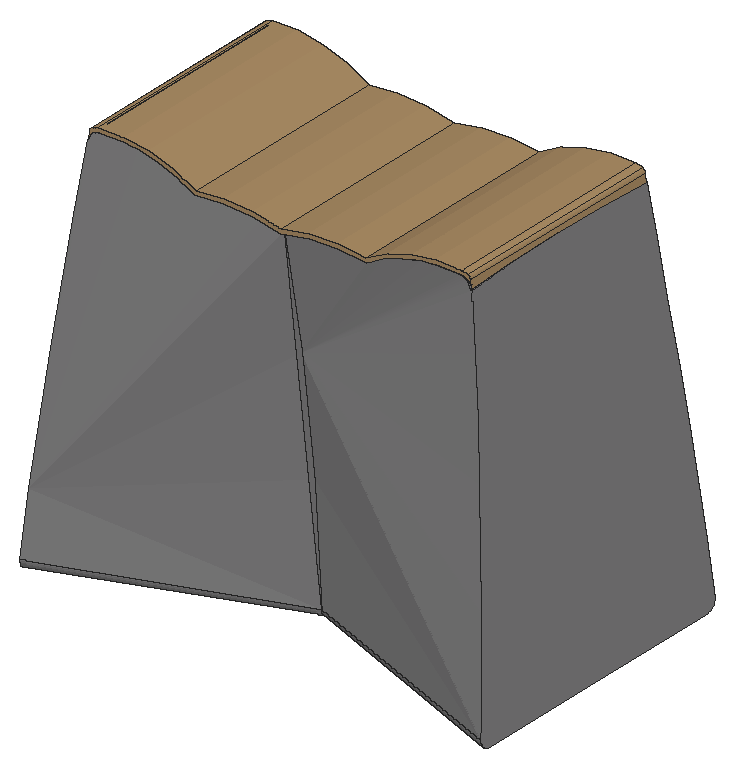
Revit family "Seating-Casual-Naughtone-Pinch_Stool", category Furniture, Revit 2014
Parameters (values of type "Pinch Stool")
  WarrantyStartDate = ""
  WarrantyGuarantorParts = "sales@naughtone.com"  # constant formula
  WarrantyGuarantorLabour = "sales@naughtone.com"  # constant formula
  WarrantyDuration = 60
  Uniclass = "Pr_40_50_12"  # constant formula
  URL = "http://www.naughtone.com"
  TypeName = "550mmx350mmx500mm - Multifunctional Upholstered Stool"
  TagNumber = 0
  SerialNumber = 0
  Seat Height = 450 mm  # constant formula
  Product URL = "http://www.naughtone.com/portfolio-view/pinch"  # constant formula
  Product Code = "PIN-ST"
  Option = "Stool"
  Name = "Furniture -Seating-Casual-Naughtone-Pinch_Stool"  # constant formula
  Model = "Pinch"  # constant formula
  Material Seat 2 [instance] = Fabric-Orange-Upholstery
  Material Seat 1 [instance] = Fabric-Black-Upholstery
  Material Feet [instance] = Rubber - Black - Smooth
  Manufacturer = "Naughtone"  # constant formula
  Length = 550 mm  # constant formula
  InstallationDate = ""
  Height = 500 mm  # constant formula
  Features = ""
  Extidentifier = ""
  Description = "Multifunctional Upholstered Stool"
  Depth = 350 mm  # constant formula
  Current Revision = 1  # constant formula
  Created On = "06.08.2014"  # constant formula
  Created By = "www.bimbox.co.uk"  # constant formula
  Cost = 0
  Contact Telephone Number = "+44 1423 816500"  # constant formula
  Contact Email Address = "sales@naughtone.com"
  COBie Description = "The Award winning Pinch stool is another classic in the naughtone range and a truly versatile product. The fully upholstered form of the Pinch stool offers a comfortable seat, whether used at a table or mingled with soft seating. It can be sat on or straddled and the pinch stool has no obvious direction so lends itself to being scattered in a space. Use the Pinch stool as functional occasional seating and to add life to any interior space."  # constant formula
  Barcode = 0
  Author = "BIMBox"  # constant formula
  AssetIdentifier = "PIN-ST"
Reference planes
  plane 1 "Center (Front/Back)": y = 0
  plane 2: z = 0
  plane 3 "Center (Left/Right)": x = 0
  plane 4 "Front": y = -175
  plane 5 "Back": y = 175
  plane 6 "Right": x = 275
  plane 7 "Left": x = -275
  plane 8: z = 350
  plane 9: z = 410
  plane 10 "Left B": x = -226.5
  plane 11 "Right B": x = 226.5
  plane 12 "Back B": y = 130
  plane 13 "Front B": y = -130
  plane 14 "left C": x = -102.455
  plane 15 "Right C": x = 102.5
  plane 16 "Seat Base": z = 5.969
  plane 17 "Bump top": z = 365.809
  plane 18 "Left Far": x = -305
  plane 19 "Right Far": x = 305
  plane 20: through (-299.192, -1524, 17.875) normal (-0.9924, 0, 0.1227)
  plane 21: z = 500
  plane 22: z = 450
Forms (mm)
  Revolve 1, void
    sketch origin (0, 0, -3) x (1, 0, 0) y (0, 0, 1)
      loop
        arc (-225.363, 474.432) -> (-221.32, 478.792) -> (-215.68, 480.678) r 12.005
        arc (-215.68, 480.678) -> (-156.701, 476.522) -> (-102.455, 453) r 175.358
        arc (-102.455, 453) -> (-50.951, 456.138) -> (0, 447.991) r 235.636
        arc (0, 447.991) -> (50.951, 456.138) -> (102.455, 453) r 235.636
        arc (102.455, 453) -> (156.701, 476.522) -> (215.68, 480.678) r 175.358
        arc (215.68, 480.678) -> (221.32, 478.792) -> (225.363, 474.432) r 12.005
        line (225.363, 474.432) -> (243.512, 441.003) -> (243.512, 535.678) -> (-243.512, 535.678) -> (-243.512, 441.003) -> (-225.363, 474.432)
      axis (-243.512, -1972.901) -> (243.512, -1972.901)
    angle from 8 to -8
  Extrusion 2, void
    sketch origin (0, 0, 0) x (-1, 0, 0) y (0, 0, -1)
      loop
        arc (-222.115, -506.912) -> (-253.845, -253.991) -> (-275.394, 0) r 6346.642
        line (-275.394, 0) -> (-320, 0) -> (-320, -506.912) -> (-222.115, -506.912)
    from -225 to 225
  Blend 3, solid, material "Fabric-Black-Upholstery" <- "Material Seat 1"
    base sketch origin (-300, 0, 0) x (0, 1, 0) y (0, 0, 1)
      loop
        line (0, 5.969) -> (173.049, 5.969)
        arc (173.049, 5.969) -> (181.5, 9.47) -> (185, 17.921) r 11.951
        arc (185, 17.921) -> (161.326, 258.149) -> (124.925, 496.78) r 4542.453
        arc (124.925, 496.78) -> (62.483, 499.195) -> (0, 500) r 2425.63
        arc (0, 500) -> (-62.545, 499.193) -> (-125.049, 496.774) r 2425.63
        arc (-125.049, 496.774) -> (-161.45, 258.146) -> (-185.123, 17.921) r 4542.453
        arc (-185.123, 17.921) -> (-181.623, 9.47) -> (-173.172, 5.969) r 11.951
        line (-173.172, 5.969) -> (0, 5.969)
    top sketch origin (-300, 0, 0) x (0, 1, 0) y (0, 0, 1)
      loop
        arc (135.42, 496.225) -> (67.736, 499.056) -> (0, 500) r 2431.627
        arc (0, 500) -> (-67.737, 499.057) -> (-135.421, 496.227) r 2431.627
        arc (-135.421, 496.227) -> (-90.087, 257.071) -> (-67.852, 14.673) r 2540.165
        arc (-67.852, 14.673) -> (-64.533, 8.454) -> (-57.937, 5.969) r 10
        line (-57.937, 5.969) -> (0, 5.969) -> (57.899, 5.969)
        arc (57.899, 5.969) -> (64.814, 8.745) -> (67.89, 15.531) r 10
        arc (67.89, 15.531) -> (90.146, 257.495) -> (135.42, 496.225) r 2540.165
    from -5 to 300
  Blend 4, solid, material "Fabric-Black-Upholstery" <- "Material Seat 1"
    base sketch origin (300, 0, 0) x (0, 1, 0) y (0, 0, -1)
      loop
        line (0, -5.969) -> (-173.74, -5.969)
        arc (-173.74, -5.969) -> (-182.191, -9.47) -> (-185.692, -17.921) r 11.951
        arc (-185.692, -17.921) -> (-162.02, -258.131) -> (-125.623, -496.744) r 4542.453
        arc (-125.623, -496.744) -> (-62.832, -499.186) -> (0, -500) r 2425.63
        arc (0, -500) -> (62.832, -499.186) -> (125.623, -496.744) r 2425.63
        arc (125.623, -496.744) -> (162.02, -258.131) -> (185.692, -17.921) r 4542.453
        arc (185.692, -17.921) -> (182.191, -9.47) -> (173.74, -5.969) r 11.951
        line (173.74, -5.969) -> (0, -5.969)
    top sketch origin (300, 0, 0) x (0, 1, 0) y (0, 0, -1)
      loop
        arc (135.42, -496.225) -> (90.146, -257.495) -> (67.89, -15.531) r 2540.165
        arc (67.89, -15.531) -> (64.814, -8.745) -> (57.899, -5.969) r 10
        line (57.899, -5.969) -> (0, -5.969) -> (-57.937, -5.969)
        arc (-57.937, -5.969) -> (-64.533, -8.454) -> (-67.852, -14.673) r 10
        arc (-67.852, -14.673) -> (-90.087, -257.071) -> (-135.421, -496.227) r 2540.165
        arc (-135.421, -496.227) -> (-67.737, -499.057) -> (0, -500) r 2431.627
        arc (0, -500) -> (67.736, -499.056) -> (135.42, -496.225) r 2431.627
    from -5 to 300
  Extrusion 5, void
    sketch origin (0, 0, 0) x (1, 0, 0) y (0, 0, 1)
      loop
        line (-222.115, 506.912) -> (-320, 506.912) -> (-320, 0) -> (-275.394, 0)
        arc (-275.394, 0) -> (-253.845, 253.991) -> (-222.115, 506.912) r 6346.642
    from -225 to 225
  Revolve 6, solid, material "Fabric-Orange-Upholstery" <- "Material Seat 2"
    sketch origin (0, 0, 0) x (1, 0, 0) y (0, 0, 1)
      loop
        arc (-225.401, 471.495) -> (-221.358, 475.856) -> (-215.718, 477.741) r 12.005
        arc (-215.718, 477.741) -> (-156.738, 473.585) -> (-102.493, 450.063) r 175.358
        arc (-102.493, 450.063) -> (-50.989, 453.201) -> (-0.038, 445.054) r 235.636
        arc (-0.038, 445.054) -> (50.914, 453.201) -> (102.417, 450.063) r 235.636
        arc (102.417, 450.063) -> (156.663, 473.585) -> (215.642, 477.741) r 175.358
        arc (215.642, 477.741) -> (221.282, 475.856) -> (225.325, 471.495) r 12.005
        line (225.325, 471.495) -> (227.826, 466.889) -> (226.606, 475.676)
        arc (226.606, 475.676) -> (225.588, 478.371) -> (223.505, 480.36) r 6.5
        arc (223.505, 480.36) -> (219.928, 481.973) -> (216.076, 482.723) r 17.005
        arc (216.076, 482.723) -> (156.401, 478.666) -> (101.334, 455.315) r 180.358
        arc (101.334, 455.315) -> (50.377, 458.181) -> (-0.038, 450.235) r 240.636
        arc (-0.038, 450.235) -> (-50.453, 458.181) -> (-101.41, 455.315) r 240.636
        arc (-101.41, 455.315) -> (-156.476, 478.666) -> (-216.151, 482.723) r 180.358
        arc (-216.151, 482.723) -> (-219.923, 481.998) -> (-223.436, 480.446) r 17.005
        arc (-223.436, 480.446) -> (-225.555, 478.452) -> (-226.592, 475.733) r 6.5
        line (-226.592, 475.733) -> (-227.798, 467.08) -> (-225.401, 471.495)
      axis (227.826, -1976) -> (-227.798, -1976)
    angle from -3.025 to 3.035
Cuts and joins
  Revolve 1, Extrusion 5 cuts Blend 3
  Revolve 1, Extrusion 2, Extrusion 5 cuts Blend 4
Dimensions and locks
  equal spacing: plane 4 "Front", plane 1 "Center (Front/Back)", plane 5 "Back"
  equal spacing: plane 7 "Left", plane 3 "Center (Left/Right)", plane 6 "Right"
  "Depth": plane 4 "Front" to plane 5 "Back"
  "Length": plane 7 "Left" to plane 6 "Right"
  locked: plane 11 "Right B" to plane 6 "Right" at 48.5
  locked: plane 7 "Left" to plane 10 "Left B" at 48.5
  locked: plane 4 "Front" to plane 13 "Front B" at 45
  locked: plane 12 "Back B" to plane 5 "Back" at 45
  plane 10 "Left B" to plane 14 "left C" = 124.045 mm
  plane 15 "Right C" to plane 11 "Right B" = 124 mm
  plane 16 "Seat Base" to plane 2 = 5.969 mm
  plane 11 "Right B" to plane 15 "Right C" = 124 mm
  "Height": plane 21 to level
  "Seat Height": plane 2 to plane 22
  aligned and locked: level to plane 2
Automatic sketch dimensions
  Revolve 1 sketch curve to plane 14 "left C" = 0 mm
  Revolve 1 sketch curve to plane 3 "Center (Left/Right)" = 0 mm
  plane 3 "Center (Left/Right)" to Revolve 1 sketch curve = 0 mm
  Revolve 1 sketch curve to plane 22 = 0 mm  (x2)
  plane 11 "Right B" to Revolve 1 sketch curve = 0 mm
  plane 10 "Left B" to Revolve 1 sketch curve = 28.16 mm
  plane 10 "Left B" to Revolve 1 sketch curve = 11.688 mm
  plane 10 "Left B" to Revolve 1 sketch curve = 1.137 mm
  Revolve 1 sketch curve to plane 10 "Left B" = 17.012 mm
  plane 14 "left C" to Revolve 1 sketch curve = 39.996 mm
  Revolve 1 sketch curve to plane 15 "Right C" = 40.041 mm
  Revolve 1 sketch curve to plane 11 "Right B" = 28.16 mm
  Revolve 1 sketch curve to plane 11 "Right B" = 11.688 mm
  Revolve 1 sketch curve to plane 11 "Right B" = 1.137 mm
  plane 11 "Right B" to Revolve 1 sketch curve = 17.012 mm
  Revolve 1 sketch curve to plane 22 = 11.997 mm  (x2)
  Revolve 1 sketch curve to plane 8 = 46.821 mm  (x2)
  Revolve 1 sketch curve to plane 8 = 132.217 mm
  Revolve 1 sketch curve to Revolve 1 sketch curve = 0 mm
  Revolve 1 sketch curve to plane 21 = 34.296 mm  (x2)
  Revolve 1 sketch curve to Revolve 1 sketch curve = 5.728 mm  (x2)
  plane 21 to Revolve 1 sketch curve = 32.678 mm
  Revolve 1 sketch curve to level = 1975.901 mm
  Extrusion 2 sketch curve to level = 0 mm
  Extrusion 2 sketch curve to plane 21 = 6.912 mm
  Extrusion 2 sketch curve to plane 19 "Right Far" = 15 mm
  Extrusion 2 sketch curve to plane 6 "Right" = 0.394 mm
  Extrusion 2 sketch curve to Extrusion 2 sketch curve = 97.885 mm
  level to Extrusion 2 sketch curve = 409.414 mm
  Blend 3 sketch curve to plane 16 "Seat Base" = 0 mm  (x2)
  Blend 3 sketch curve to plane 1 "Center (Front/Back)" = 0 mm  (x4)
  Blend 3 sketch curve to plane 21 = 0 mm  (x2)
  plane 1 "Center (Front/Back)" to Blend 3 sketch curve = 0.019 mm  (x2)
  Blend 3 sketch curve to plane 4 "Front" = 1.828 mm
  Blend 3 sketch curve to level = 307.294 mm  (x2)
  plane 4 "Front" to Blend 3 sketch curve = 4170.796 mm
  Blend 3 sketch curve to plane 1 "Center (Front/Back)" = 0.019 mm
  plane 5 "Back" to Blend 3 sketch curve = 1.951 mm
  Blend 3 sketch curve to plane 5 "Back" = 4170.673 mm
  Blend 3 sketch curve to level = 1925.63 mm
  Blend 3 sketch curve to Blend 3 sketch curve = 0 mm  (x4)
  plane 16 "Seat Base" to Blend 3 sketch curve = 11.951 mm
  Blend 3 sketch curve to Blend 3 sketch curve = 11.951 mm
  plane 16 "Seat Base" to Blend 3 sketch curve = 10 mm  (x2)
  plane 1 "Center (Front/Back)" to Blend 3 sketch curve = 57.937 mm
  Blend 3 sketch curve to level = 95.89 mm  (x2)
  plane 4 "Front" to Blend 3 sketch curve = 2430.61 mm
  Blend 3 sketch curve to plane 1 "Center (Front/Back)" = 57.899 mm
  Blend 3 sketch curve to plane 5 "Back" = 2430.61 mm
  Blend 3 sketch curve to level = 1931.627 mm
  plane 16 "Seat Base" to Blend 3 sketch curve = 8.704 mm
  Blend 4 sketch curve to plane 16 "Seat Base" = 0 mm  (x2)
  Blend 4 sketch curve to plane 1 "Center (Front/Back)" = 0 mm  (x4)
  Blend 4 sketch curve to plane 21 = 0 mm  (x2)
  plane 1 "Center (Front/Back)" to Blend 4 sketch curve = 0.019 mm  (x2)
  Blend 4 sketch curve to plane 4 "Front" = 1.26 mm
  Blend 4 sketch curve to level = 307.294 mm  (x2)
  plane 4 "Front" to Blend 4 sketch curve = 4170.104 mm
  Blend 4 sketch curve to plane 1 "Center (Front/Back)" = 0.019 mm
  plane 5 "Back" to Blend 4 sketch curve = 1.26 mm
  Blend 4 sketch curve to plane 5 "Back" = 4170.104 mm
  Blend 4 sketch curve to Blend 4 sketch curve = 11.951 mm  (x2)
  Blend 4 sketch curve to level = 1925.63 mm
  Blend 4 sketch curve to Blend 4 sketch curve = 0 mm  (x4)
  plane 16 "Seat Base" to Blend 4 sketch curve = 10 mm  (x2)
  plane 1 "Center (Front/Back)" to Blend 4 sketch curve = 57.937 mm
  Blend 4 sketch curve to level = 95.89 mm  (x2)
  plane 4 "Front" to Blend 4 sketch curve = 2430.61 mm
  Blend 4 sketch curve to plane 1 "Center (Front/Back)" = 57.899 mm
  Blend 4 sketch curve to plane 5 "Back" = 2430.61 mm
  Blend 4 sketch curve to level = 1931.627 mm
  plane 16 "Seat Base" to Blend 4 sketch curve = 8.704 mm
  Extrusion 5 sketch curve to level = 0 mm
  plane 21 to Extrusion 5 sketch curve = 6.912 mm
  Extrusion 5 sketch curve to plane 18 "Left Far" = 15 mm
  Extrusion 5 sketch curve to plane 7 "Left" = 0.394 mm
  Extrusion 5 sketch curve to Extrusion 5 sketch curve = 97.885 mm
  Extrusion 5 sketch curve to level = 409.414 mm
  Revolve 6 sketch curve to Revolve 6 sketch curve = 0 mm  (x14)
  Revolve 6 sketch curve to plane 10 "Left B" = 1.298 mm
  Revolve 6 sketch curve to plane 10 "Left B" = 0.092 mm
  plane 10 "Left B" to Revolve 6 sketch curve = 1.099 mm
  Revolve 6 sketch curve to Revolve 6 sketch curve = 5.247 mm
  Revolve 6 sketch curve to Revolve 6 sketch curve = 5.304 mm
  plane 10 "Left B" to Revolve 6 sketch curve = 28.122 mm
  plane 14 "left C" to Revolve 6 sketch curve = 39.958 mm
  Revolve 6 sketch curve to plane 15 "Right C" = 40.079 mm
  Revolve 6 sketch curve to plane 11 "Right B" = 28.197 mm
  Revolve 6 sketch curve to plane 11 "Right B" = 11.726 mm
  Revolve 6 sketch curve to plane 11 "Right B" = 6.332 mm
  Revolve 6 sketch curve to plane 11 "Right B" = 1.175 mm
  plane 11 "Right B" to Revolve 6 sketch curve = 0.106 mm
  plane 11 "Right B" to Revolve 6 sketch curve = 1.326 mm
  Revolve 6 sketch curve to plane 8 = 132.154 mm
  Revolve 6 sketch curve to plane 8 = 46.757 mm  (x2)
  plane 22 to Revolve 6 sketch curve = 15.767 mm  (x2)
  Revolve 6 sketch curve to Revolve 6 sketch curve = 1.122 mm
  Revolve 6 sketch curve to Revolve 6 sketch curve = 1.313 mm
  Revolve 6 sketch curve to Revolve 6 sketch curve = 4.606 mm
  Revolve 6 sketch curve to Revolve 6 sketch curve = 4.415 mm
  Revolve 6 sketch curve to Revolve 6 sketch curve = 9.068 mm
  Revolve 6 sketch curve to Revolve 6 sketch curve = 4.238 mm
  Revolve 6 sketch curve to Revolve 6 sketch curve = 3.287 mm
  Revolve 6 sketch curve to Revolve 6 sketch curve = 4.181 mm
  Revolve 6 sketch curve to plane 18 "Left Far" = 687.15 mm
  Revolve 6 sketch curve to Revolve 6 sketch curve = 7.284 mm
  Revolve 6 sketch curve to Revolve 6 sketch curve = 0.433 mm  (x2)
  Revolve 6 sketch curve to plane 14 "left C" = 0.038 mm
  plane 14 "left C" to Revolve 6 sketch curve = 1.045 mm
  Revolve 6 sketch curve to plane 3 "Center (Left/Right)" = 0.038 mm  (x2)
  Revolve 6 sketch curve to plane 15 "Right C" = 1.166 mm
  Revolve 6 sketch curve to plane 15 "Right C" = 0.083 mm
  plane 19 "Right Far" to Revolve 6 sketch curve = 1780.107 mm
  Revolve 6 sketch curve to level = 1976 mm
Nested families
  nested 1: "FEET" at (-240.779, 108.523, 0), Material Feet <- "Material Feet", type "FEET"
  nested 2: "FEET" at (-240.779, -108.523, 0), Material Feet <- "Material Feet", type "FEET"
  nested 3: "FEET" at (240.779, -108.523, 0), Material Feet <- "Material Feet", type "FEET"
  nested 4: "FEET" at (240.779, 108.523, 0), Material Feet <- "Material Feet", type "FEET"
Definition of nested family "FEET"
  Parameters (values of type "FEET")
    WarrantyStartDate = ""
    WarrantyGuarantorParts = "sales@naughtone.com"  # constant formula
    WarrantyGuarantorLabour = "sales@naughtone.com"  # constant formula
    WarrantyDuration = 60
    Uniclass = ""
    URL = "http://www.naughtone.com"
    TypeName = "<Length(mm)xDepth(mm)xHeight(mm)> <Short_Description>"
    TagNumber = 0
    SerialNumber = 0
    Product URL = "<See Spreadsheet>"
    Product Code = ""
    Option = ""
    Name = "<Category>-<Description>-<Option>-<Manufacturer>-<Range>"
    Material Feet [instance] = Rubber - Black - Smooth
    Manufacturer = "Naughtone"
    Length = 0 mm
    InstallationDate = ""
    Height = 0 mm
    Features = ""
    Extidentifier = ""
    Depth = 0 mm
    Current Revision = 1  # constant formula
    Created On = "<Date>"
    Created By = "www.bimbox.co.uk"  # constant formula
    Cost = 0
    Contact Telephone Number = "+44 1423 816500"  # constant formula
    Contact Email Address = "sales@naughtone.com"
    COBie Description = "<Long Description>"
    Barcode = 0
    Author = "BIMBox"  # constant formula
    AssetIdentifier = "<Product Code>"
  Reference planes
    plane 1 "Center (Front/Back)": y = 0
    plane 2: z = 0
    plane 3 "Center (Left/Right)": x = 0
    plane 4: z = 6
  Forms (mm)
    Revolve 1, solid, material "Rubber - Black - Smooth" <- "Material Feet"
      sketch origin (0, 0, 0) x (1, 0, 0) y (0, 0, 1)
        loop
          line (0, 6) -> (-12.5, 6) -> (-12.5, 3.968)
          arc (-12.5, 3.968) -> (-11.338, 1.162) -> (-8.532, 0) r 3.968
          line (-8.532, 0) -> (0, 0) -> (0, 6)
        axis (0, 0) -> (0, 6)
      angle from 0 to 360
  Dimensions and locks
    aligned and locked: level to plane 2
